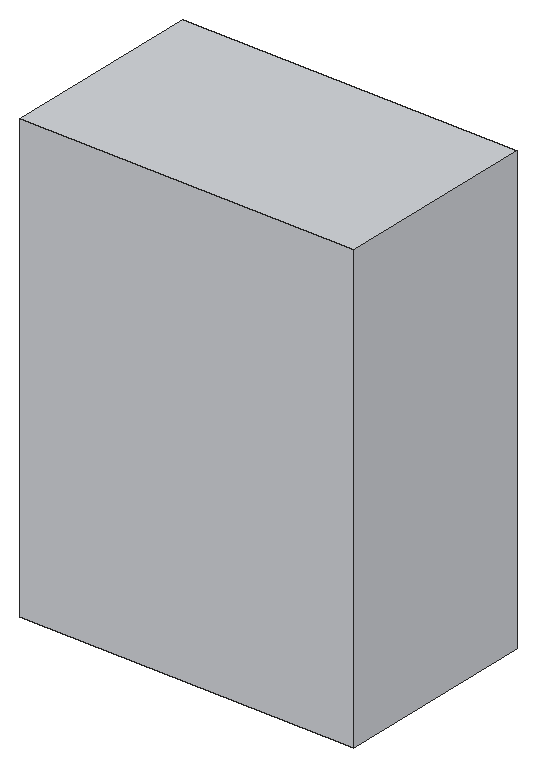
Revit family
Parameters
  hook [instance] = Unit Width / 0' 9 1/2"  # 5
  h [instance] = hook - 1  # 4
  ed [instance] = 0' - 2 9/16"
  Warranty Duration (Years) = 0
  Unit Width [instance] = 3' - 8"
  Unit Height [instance] = 0' - 0"
  Unit Depth = 0' - 0"
  URL = "http://www.americanspecialties.com/viewCategories.cfm"
  Trim Material = Rubber
  Test Data = ""
  Specification = "http://www.arcat.com/sdspecs/htm/10810asi.htm"
  SpecWizard = ""
  Send Message = "http://www.arcat.com/users.pl?action=UserEmail&company=American%20Specialties,%20Inc.&coid=30448&rep=139&fax=914-476-0688&mf="
  Sales Information = "http://www.americanspecialties.com/contact"
  Revision = "R1_10-2010"
  Product Properties = "http://www.americanspecialties.com/datasheets/13081.pdf"
  Product Data = "http://www.arcat.com/arcatcos/cos30/arc30448.html"
  Model = "As Specified in 10 28 13"
  Manufacturer Website = "http://www.americanspecialties.com/viewCategories.cfm"
  Manufacturer Phone - Toll Free = ""
  Manufacturer Phone = "914-476-9000 "
  Manufacturer Fax = "914-476-0688"
  Manufacturer Address = "441 Saw Mill River Rd., Yonkers, NY 10701"
  Manufacturer = "American Specialties, Inc."
  Maintenance Schedule (Months) = 0
  Keynote = "10 28 13"
  Installation-Fabrication = "http://www.americanspecialties.com/products.cfm"
  Green Building-LEED = ""
  Expected Lifespan (Years) = 0
  Drawn By = "Robert S. Weygant. CSI, CDT, SCIP"  # constant formula
  Description = "Toilet Accessory as Specified in 10 28 13"
  Default Elevation = 4' - 0"
  Copyright = "©Arcat Inc."
  Construction Details = "http://www.arcat.com/green/clients/leed_data_30448.html"
  Building Codes = "http://www.americanspecialties.com/products.cfm"
  Body Material = Metal - Stainless Steel
  Assembly Code = "C1030210"
Reference planes (in)
  plane 1 "Center (Front/Back)": y = -0.29112
  plane 2 "Floor Line": z = 0
  plane 3 "Center (Left/Right)": x = -0.65843
Forms (in)
  Extrusion 1, solid
    sketch origin (-3, -9, -6) x (0, 0, -1) y (1, 0, 0)
      loop
        line (-82, 56.90407) -> (-82, -0.06991) -> (-6, -0.06991) -> (-6, 56.90407) -> (-82, 56.90407)
    from 9 to -25.60721
  Extrusion 2, solid, material "Metal - Stainless Steel" <- "Body Material"
    sketch origin (-1.72093, -8.31344, 19.88375) x (0, -1, 0) y (0, 0, 1)
      loop
        line (-12.93505, -18.82102) -> (-11.32924, -18.82102) -> (-10.07896, -19.82125) -> (-5.08481, -19.82125)
        arc (-5.08481, -19.82125) -> (-3.99168, -19.48705) -> (-3.27232, -18.59873) r 1.95484
        arc (-3.27232, -18.59873) -> (-3.35658, -18.10216) -> (-3.64071, -17.6863) r 1.17688
        line (-3.64071, -17.6863) -> (-3.94, -17.63352)
        arc (-3.94, -17.63352) -> (-4.08481, -17.73492) -> (-3.98341, -17.87972) r 0.125
        line (-3.98341, -17.87972) -> (-3.7626, -17.91866)
        arc (-3.7626, -17.91866) -> (-3.58307, -18.20925) -> (-3.52099, -18.54513) r 0.92688
        arc (-3.52099, -18.54513) -> (-4.14966, -19.29166) -> (-5.08481, -19.57102) r 1.70484
        line (-5.08481, -19.57102) -> (-9.99154, -19.57102) -> (-11.24154, -18.57102) -> (-12.93505, -18.57102)
        arc (-12.93505, -18.57102) -> (-13.06005, -18.69602) -> (-12.93505, -18.82102) r 0.125
    from -3.625 to -4.5
  Extrusion 3, solid
    sketch origin (0, -1.46227, -0.4375) x (1, 0, 0) y (0, 1, 0)
      loop
        circle (2.34157, -0.57886) r 0.21875
      loop
        circle (2.34157, 1.42114) r 0.21875
    from 0.75022 to 0.5
  Extrusion 4, solid, material "Metal - Stainless Steel" <- "Body Material"
    sketch origin (-9.56405, -9.73146, -10.05355) x (1, 0, 0) y (0, 0, 1)
      loop
        line (15.15562, 10.61605) -> (18.15562, 10.61605) -> (18.15562, 11.46368) -> (18.03062, 11.46368) -> (18.03062, 10.74105) -> (15.28062, 10.74105) -> (15.28062, 12.51646) -> (15.15562, 12.51646) -> (15.15562, 10.61605)
    from -1.5 to -2.88069
  Extrusion 5, solid, material "Rubber" <- "Trim Material"
    sketch origin (6.125, -7.25, -2.9375) x (1, 0, 0) y (0, 1, 0)
      loop
        arc (1.71876, -0.00164) -> (1.38167, 0.05154) -> (1.04802, -0.02014) r 0.93233
        arc (1.04802, -0.02014) -> (0.90772, -0.07915) -> (0.79313, -0.17932) r 0.47745
        arc (0.79313, -0.17932) -> (0.82811, -0.32067) -> (0.6876, -0.35889) r 0.10417
        arc (0.6876, -0.35889) -> (0.5665, -0.32788) -> (0.49553, -0.22496) r 0.1783
        line (0.49553, -0.22496) -> (0.30272, -0.22496) -> (0.30272, -0.4268)
        arc (0.30272, -0.4268) -> (1.23821, -1.05205) -> (2.33702, -0.8097) r 1.43411
        arc (2.33702, -0.8097) -> (2.14783, -0.3139) -> (1.71876, -0.00164) r 0.93233
    from 3.70633 to 5.00782
  Extrusion 6, solid, material "Rubber" <- "Trim Material"
    sketch origin (6.25, -7.25, -2.9375) x (1, 0, 0) y (0, 1, 0)
      loop
        circle (1.63426, -0.62262) r 0.25
    from 5.00782 to 5.1404
  Extrusion 7, solid, material "Rubber" <- "Trim Material"
    sketch origin (6.25, -7.25, -2.9375) x (1, 0, 0) y (0, 1, 0)
      loop
        circle (0.52944, 0.16479) r 0.08601
      loop
        circle (1.83175, 0.16479) r 0.08601
    from 3.625 to 3.70633
  Extrusion 8, solid, material "Metal - Stainless Steel" <- "Body Material"
    sketch origin (-0.65843, -2.93023, -27.33253) x (0, 1, 0) y (0, 0, 1)
      loop
        line (8.38911, 35.39503) -> (8.38911, 27.39503) -> (-3.11089, 27.39503) -> (-3.11089, 27.89503) -> (-6.11089, 27.89503) -> (-6.11089, 27.33253) -> (9.13911, 27.33253) -> (9.13911, 35.39503) -> (8.38911, 35.39503)
    from 0 to 44
  Extrusion 9, solid, material "Metal - Stainless Steel" <- "Body Material"
    sketch origin (-0.65843, -2.93023, -27.33253) x (0, 1, 0) y (0, 0, 1)
      loop
        line (8.38911, 35.39503) -> (6.39448, 27.39503) -> (8.38911, 27.39503) -> (8.38911, 35.39503)
    from 0 to 1
  Extrusion 10, solid, material "Metal - Stainless Steel" <- "Body Material"
    sketch origin (43.34157, -2.93023, -27.33253) x (0, 1, 0) y (0, 0, -1)
      loop
        line (8.38911, -35.39503) -> (8.38911, -27.39503) -> (6.39448, -27.39503) -> (8.38911, -35.39503)
    from 0 to 1
  Extrusion 11, solid, material "Metal - Stainless Steel" <- "Body Material"
    sketch origin (7.77907, -8.31344, 19.88375) x (0, -1, 0) y (0, 0, 1)
      loop
        line (-12.93505, -18.82102) -> (-11.32924, -18.82102) -> (-10.07896, -19.82125) -> (-5.08481, -19.82125)
        arc (-5.08481, -19.82125) -> (-3.99168, -19.48705) -> (-3.27232, -18.59873) r 1.95484
        arc (-3.27232, -18.59873) -> (-3.35658, -18.10216) -> (-3.64071, -17.6863) r 1.17688
        line (-3.64071, -17.6863) -> (-3.94, -17.63352)
        arc (-3.94, -17.63352) -> (-4.08481, -17.73492) -> (-3.98341, -17.87972) r 0.125
        line (-3.98341, -17.87972) -> (-3.7626, -17.91866)
        arc (-3.7626, -17.91866) -> (-3.58307, -18.20925) -> (-3.52099, -18.54513) r 0.92688
        arc (-3.52099, -18.54513) -> (-4.14966, -19.29166) -> (-5.08481, -19.57102) r 1.70484
        line (-5.08481, -19.57102) -> (-9.99154, -19.57102) -> (-11.24154, -18.57102) -> (-12.93505, -18.57102)
        arc (-12.93505, -18.57102) -> (-13.06005, -18.69602) -> (-12.93505, -18.82102) r 0.125
    from -3.625 to -4.5
  Extrusion 12, solid
    sketch origin (9.5, -1.46227, -0.4375) x (1, 0, 0) y (0, 1, 0)
      loop
        circle (2.34157, -0.57886) r 0.21875
      loop
        circle (2.34157, 1.42114) r 0.21875
    from 0.75022 to 0.5
  Extrusion 13, solid, material "Metal - Stainless Steel" <- "Body Material"
    sketch origin (17.27907, -8.31344, 19.88375) x (0, -1, 0) y (0, 0, 1)
      loop
        line (-12.93505, -18.82102) -> (-11.32924, -18.82102) -> (-10.07896, -19.82125) -> (-5.08481, -19.82125)
        arc (-5.08481, -19.82125) -> (-3.99168, -19.48705) -> (-3.27232, -18.59873) r 1.95484
        arc (-3.27232, -18.59873) -> (-3.35658, -18.10216) -> (-3.64071, -17.6863) r 1.17688
        line (-3.64071, -17.6863) -> (-3.94, -17.63352)
        arc (-3.94, -17.63352) -> (-4.08481, -17.73492) -> (-3.98341, -17.87972) r 0.125
        line (-3.98341, -17.87972) -> (-3.7626, -17.91866)
        arc (-3.7626, -17.91866) -> (-3.58307, -18.20925) -> (-3.52099, -18.54513) r 0.92688
        arc (-3.52099, -18.54513) -> (-4.14966, -19.29166) -> (-5.08481, -19.57102) r 1.70484
        line (-5.08481, -19.57102) -> (-9.99154, -19.57102) -> (-11.24154, -18.57102) -> (-12.93505, -18.57102)
        arc (-12.93505, -18.57102) -> (-13.06005, -18.69602) -> (-12.93505, -18.82102) r 0.125
    from -3.625 to -4.5
  Extrusion 14, solid
    sketch origin (19, -1.46227, -0.4375) x (1, 0, 0) y (0, 1, 0)
      loop
        circle (2.34157, -0.57886) r 0.21875
      loop
        circle (2.34157, 1.42114) r 0.21875
    from 0.75022 to 0.5
  Extrusion 15, solid, material "Metal - Stainless Steel" <- "Body Material"
    sketch origin (26.77907, -8.31344, 19.88375) x (0, -1, 0) y (0, 0, 1)
      loop
        line (-12.93505, -18.82102) -> (-11.32924, -18.82102) -> (-10.07896, -19.82125) -> (-5.08481, -19.82125)
        arc (-5.08481, -19.82125) -> (-3.99168, -19.48705) -> (-3.27232, -18.59873) r 1.95484
        arc (-3.27232, -18.59873) -> (-3.35658, -18.10216) -> (-3.64071, -17.6863) r 1.17688
        line (-3.64071, -17.6863) -> (-3.94, -17.63352)
        arc (-3.94, -17.63352) -> (-4.08481, -17.73492) -> (-3.98341, -17.87972) r 0.125
        line (-3.98341, -17.87972) -> (-3.7626, -17.91866)
        arc (-3.7626, -17.91866) -> (-3.58307, -18.20925) -> (-3.52099, -18.54513) r 0.92688
        arc (-3.52099, -18.54513) -> (-4.14966, -19.29166) -> (-5.08481, -19.57102) r 1.70484
        line (-5.08481, -19.57102) -> (-9.99154, -19.57102) -> (-11.24154, -18.57102) -> (-12.93505, -18.57102)
        arc (-12.93505, -18.57102) -> (-13.06005, -18.69602) -> (-12.93505, -18.82102) r 0.125
    from -3.625 to -4.5
  Extrusion 16, solid
    sketch origin (28.5, -1.46227, -0.4375) x (1, 0, 0) y (0, 1, 0)
      loop
        circle (2.34157, -0.57886) r 0.21875
      loop
        circle (2.34157, 1.42114) r 0.21875
    from 0.75022 to 0.5
  Extrusion 17, solid, material "Metal - Stainless Steel" <- "Body Material"
    sketch origin (-0.06405, -9.73146, -10.05355) x (1, 0, 0) y (0, 0, 1)
      loop
        line (15.15562, 10.61605) -> (18.15562, 10.61605) -> (18.15562, 11.46368) -> (18.03062, 11.46368) -> (18.03062, 10.74105) -> (15.28062, 10.74105) -> (15.28062, 12.51646) -> (15.15562, 12.51646) -> (15.15562, 10.61605)
    from -1.5 to -2.88069
  Extrusion 18, solid, material "Rubber" <- "Trim Material"
    sketch origin (15.625, -7.25, -2.9375) x (1, 0, 0) y (0, 1, 0)
      loop
        arc (1.71876, -0.00164) -> (1.38167, 0.05154) -> (1.04802, -0.02014) r 0.93233
        arc (1.04802, -0.02014) -> (0.90772, -0.07915) -> (0.79313, -0.17932) r 0.47745
        arc (0.79313, -0.17932) -> (0.82811, -0.32067) -> (0.6876, -0.35889) r 0.10417
        arc (0.6876, -0.35889) -> (0.5665, -0.32788) -> (0.49553, -0.22496) r 0.1783
        line (0.49553, -0.22496) -> (0.30272, -0.22496) -> (0.30272, -0.4268)
        arc (0.30272, -0.4268) -> (1.23821, -1.05205) -> (2.33702, -0.8097) r 1.43411
        arc (2.33702, -0.8097) -> (2.14783, -0.3139) -> (1.71876, -0.00164) r 0.93233
    from 3.70633 to 5.00782
  Extrusion 19, solid, material "Rubber" <- "Trim Material"
    sketch origin (15.75, -7.25, -2.9375) x (1, 0, 0) y (0, 1, 0)
      loop
        circle (1.63426, -0.62262) r 0.25
    from 5.00782 to 5.1404
  Extrusion 20, solid, material "Rubber" <- "Trim Material"
    sketch origin (15.75, -7.25, -2.9375) x (1, 0, 0) y (0, 1, 0)
      loop
        circle (0.52944, 0.16479) r 0.08601
      loop
        circle (1.83175, 0.16479) r 0.08601
    from 3.625 to 3.70633
  Extrusion 21, solid, material "Metal - Stainless Steel" <- "Body Material"
    sketch origin (9.43595, -9.73146, -10.05355) x (1, 0, 0) y (0, 0, 1)
      loop
        line (15.15562, 10.61605) -> (18.15562, 10.61605) -> (18.15562, 11.46368) -> (18.03062, 11.46368) -> (18.03062, 10.74105) -> (15.28062, 10.74105) -> (15.28062, 12.51646) -> (15.15562, 12.51646) -> (15.15562, 10.61605)
    from -1.5 to -2.88069
  Extrusion 22, solid, material "Rubber" <- "Trim Material"
    sketch origin (25.125, -7.25, -2.9375) x (1, 0, 0) y (0, 1, 0)
      loop
        arc (1.71876, -0.00164) -> (1.38167, 0.05154) -> (1.04802, -0.02014) r 0.93233
        arc (1.04802, -0.02014) -> (0.90772, -0.07915) -> (0.79313, -0.17932) r 0.47745
        arc (0.79313, -0.17932) -> (0.82811, -0.32067) -> (0.6876, -0.35889) r 0.10417
        arc (0.6876, -0.35889) -> (0.5665, -0.32788) -> (0.49553, -0.22496) r 0.1783
        line (0.49553, -0.22496) -> (0.30272, -0.22496) -> (0.30272, -0.4268)
        arc (0.30272, -0.4268) -> (1.23821, -1.05205) -> (2.33702, -0.8097) r 1.43411
        arc (2.33702, -0.8097) -> (2.14783, -0.3139) -> (1.71876, -0.00164) r 0.93233
    from 3.70633 to 5.00782
  Extrusion 23, solid, material "Rubber" <- "Trim Material"
    sketch origin (25.25, -7.25, -2.9375) x (1, 0, 0) y (0, 1, 0)
      loop
        circle (1.63426, -0.62262) r 0.25
    from 5.00782 to 5.1404
  Extrusion 24, solid, material "Rubber" <- "Trim Material"
    sketch origin (25.25, -7.25, -2.9375) x (1, 0, 0) y (0, 1, 0)
      loop
        circle (0.52944, 0.16479) r 0.08601
      loop
        circle (1.83175, 0.16479) r 0.08601
    from 3.625 to 3.70633
  Extrusion 25, void
    sketch origin (0, 0, 0) x (1, 0, 0) y (0, 1, 0)
      loop
        circle (0.09157, -7.54112) r 0.21875
      loop
        circle (42.59157, -7.54112) r 0.21875
    from 0.5625 to 0
  Extrusion 26, void
    sketch origin (0, 0, 0) x (1, 0, 0) y (0, 1, 0)
      loop
        circle (6.84157, 3.70888) r 0.21875
      loop
        circle (35.84157, 3.70888) r 0.21875
    from 0.0625 to 0
  Extrusion 27, solid, material "Metal - Stainless Steel" <- "Body Material"
    sketch origin (36.27907, -8.31344, 19.88375) x (0, -1, 0) y (0, 0, 1)
      loop
        line (-12.93505, -18.82102) -> (-11.32924, -18.82102) -> (-10.07896, -19.82125) -> (-5.08481, -19.82125)
        arc (-5.08481, -19.82125) -> (-3.99168, -19.48705) -> (-3.27232, -18.59873) r 1.95484
        arc (-3.27232, -18.59873) -> (-3.35658, -18.10216) -> (-3.64071, -17.6863) r 1.17688
        line (-3.64071, -17.6863) -> (-3.94, -17.63352)
        arc (-3.94, -17.63352) -> (-4.08481, -17.73492) -> (-3.98341, -17.87972) r 0.125
        line (-3.98341, -17.87972) -> (-3.7626, -17.91866)
        arc (-3.7626, -17.91866) -> (-3.58307, -18.20925) -> (-3.52099, -18.54513) r 0.92688
        arc (-3.52099, -18.54513) -> (-4.14966, -19.29166) -> (-5.08481, -19.57102) r 1.70484
        line (-5.08481, -19.57102) -> (-9.99154, -19.57102) -> (-11.24154, -18.57102) -> (-12.93505, -18.57102)
        arc (-12.93505, -18.57102) -> (-13.06005, -18.69602) -> (-12.93505, -18.82102) r 0.125
    from -3.625 to -4.5
  Extrusion 28, solid
    sketch origin (38, -1.46227, -0.4375) x (1, 0, 0) y (0, 1, 0)
      loop
        circle (2.34157, -0.57886) r 0.21875
      loop
        circle (2.34157, 1.42114) r 0.21875
    from 0.75022 to 0.5
  Extrusion 29, solid, material "Metal - Stainless Steel" <- "Body Material"
    sketch origin (18.93595, -9.73146, -10.05355) x (1, 0, 0) y (0, 0, 1)
      loop
        line (15.15562, 10.61605) -> (18.15562, 10.61605) -> (18.15562, 11.46368) -> (18.03062, 11.46368) -> (18.03062, 10.74105) -> (15.28062, 10.74105) -> (15.28062, 12.51646) -> (15.15562, 12.51646) -> (15.15562, 10.61605)
    from -1.5 to -2.88069
  Extrusion 30, solid, material "Rubber" <- "Trim Material"
    sketch origin (34.625, -7.25, -2.9375) x (1, 0, 0) y (0, 1, 0)
      loop
        arc (1.71876, -0.00164) -> (1.38167, 0.05154) -> (1.04802, -0.02014) r 0.93233
        arc (1.04802, -0.02014) -> (0.90772, -0.07915) -> (0.79313, -0.17932) r 0.47745
        arc (0.79313, -0.17932) -> (0.82811, -0.32067) -> (0.6876, -0.35889) r 0.10417
        arc (0.6876, -0.35889) -> (0.5665, -0.32788) -> (0.49553, -0.22496) r 0.1783
        line (0.49553, -0.22496) -> (0.30272, -0.22496) -> (0.30272, -0.4268)
        arc (0.30272, -0.4268) -> (1.23821, -1.05205) -> (2.33702, -0.8097) r 1.43411
        arc (2.33702, -0.8097) -> (2.14783, -0.3139) -> (1.71876, -0.00164) r 0.93233
    from 3.70633 to 5.00782
  Extrusion 31, solid, material "Rubber" <- "Trim Material"
    sketch origin (34.75, -7.25, -2.9375) x (1, 0, 0) y (0, 1, 0)
      loop
        circle (1.63426, -0.62262) r 0.25
    from 5.00782 to 5.1404
  Extrusion 32, solid, material "Rubber" <- "Trim Material"
    sketch origin (34.75, -7.25, -2.9375) x (1, 0, 0) y (0, 1, 0)
      loop
        circle (0.52944, 0.16479) r 0.08601
      loop
        circle (1.83175, 0.16479) r 0.08601
    from 3.625 to 3.70633
Cuts and joins
  Extrusion 25, Extrusion 26 cuts Extrusion 8
Dimensions and locks (in)
  "Unit Width": Extrusion 8 to Extrusion 8
  locked: Extrusion 10 to Extrusion 10 at 1
  locked: Extrusion 9 to Extrusion 9 at 1
  equal spacing: group 1, group 2, group 3, group 4, group 5  (x3)
  locked: cut or joined group of Extrusion 8, Extrusion 25, Extrusion 26 to Extrusion 25 sketch curve at 0.75
  locked: Extrusion 25 sketch curve to cut or joined group of Extrusion 8, Extrusion 25, Extrusion 26 at 0.75
  locked: cut or joined group of Extrusion 8, Extrusion 25, Extrusion 26 to Extrusion 26 sketch curve at 7.5
  locked: Extrusion 26 sketch curve to cut or joined group of Extrusion 8, Extrusion 25, Extrusion 26 at 7.5
  aligned and locked: Extrusion 1 to level
  aligned and locked: Extrusion 2 to Extrusion 3  (x2)
  aligned and locked: Extrusion 5 to Extrusion 6
  aligned and locked: Extrusion 9 to Extrusion 8
  aligned and locked: Extrusion 10 to Extrusion 8  (x2)
  aligned and locked: Extrusion 8 to Extrusion 10
  aligned and locked: Extrusion 8 to Extrusion 9
  aligned and locked: Extrusion 11 to Extrusion 12  (x2)
  aligned and locked: Extrusion 13 to Extrusion 14  (x2)
  aligned and locked: Extrusion 15 to Extrusion 16  (x2)
  aligned and locked: Extrusion 8 to plane 3 "Center (Left/Right)"
  aligned and locked: Extrusion 18 to Extrusion 19
  aligned and locked: Extrusion 22 to Extrusion 23
  aligned and locked: Extrusion 25 to Extrusion 4
  aligned and locked: Extrusion 25 to level
  aligned and locked: Extrusion 2 to Extrusion 26
  aligned and locked: Extrusion 27 to Extrusion 28  (x2)
  aligned and locked: Extrusion 30 to Extrusion 31
Automatic sketch dimensions
  Extrusion 1 sketch curve to Extrusion 1 sketch curve = 6' - 4"
  Extrusion 1 sketch curve to Extrusion 1 sketch curve = 4' - 8.97398"
  Extrusion 8 sketch curve to level = 0' - 0"
  level to Extrusion 8 sketch curve = 0' - 0 9/16"
  plane 1 "Center (Front/Back)" to Extrusion 8 sketch curve = 0' - 8 3/4"
  level to Extrusion 8 sketch curve = 0' - 0 1/16"
  Extrusion 8 sketch curve to Extrusion 8 sketch curve = 0' - 3"
  Extrusion 8 sketch curve to plane 1 "Center (Front/Back)" = 0' - 5 3/4"
  Extrusion 8 sketch curve to Extrusion 8 sketch curve = 0' - 0 3/4"
  Extrusion 8 sketch curve to Extrusion 8 sketch curve = 0' - 8"
  level to Extrusion 9 sketch curve = 0' - 0 1/16"
  Extrusion 9 sketch curve to plane 1 "Center (Front/Back)" = 0' - 3.75538"
  Extrusion 9 sketch curve to plane 1 "Center (Front/Back)" = 0' - 5 3/4"
  Extrusion 9 sketch curve to Extrusion 9 sketch curve = 0' - 8"
  level to Extrusion 10 sketch curve = 0' - 0 1/16"
  Extrusion 10 sketch curve to plane 1 "Center (Front/Back)" = 0' - 3.75538"
  Extrusion 10 sketch curve to plane 1 "Center (Front/Back)" = 0' - 5 3/4"
  Extrusion 10 sketch curve to Extrusion 10 sketch curve = 0' - 8"
  plane 1 "Center (Front/Back)" to Extrusion 25 sketch curve = 0' - 7 1/4"  (x2)
  Extrusion 26 sketch curve to plane 1 "Center (Front/Back)" = 0' - 4"  (x2)
  radius of Extrusion 25 sketch curve = 0' - 0 7/32"  (x2)
  radius of Extrusion 26 sketch curve = 0' - 0 7/32"  (x2)
